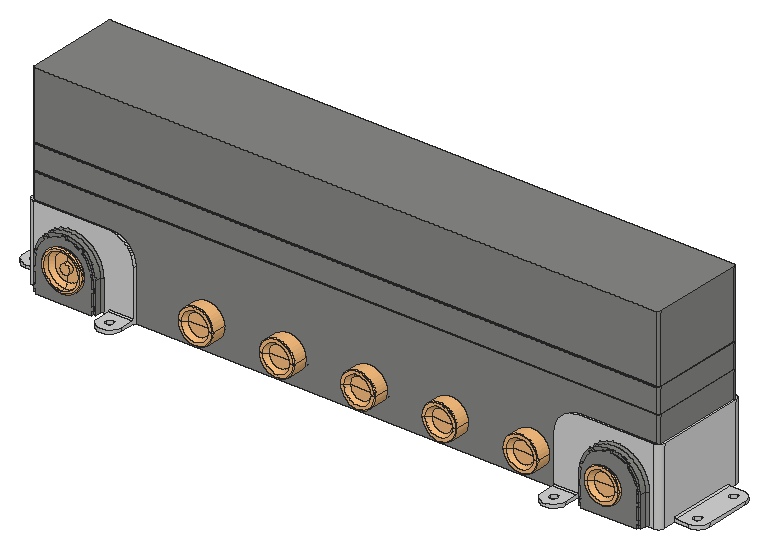
Revit family "Valve-Six_Outlet_Thermostatic-KOHLER-K-26344IN_1", category Plumbing Fixtures, host Face, Revit 2017
Family settings
  Host = Face
  Round Connector Dimension = Use Diameter
  Part Type = Normal
  OmniClass Number = 23.27.31.00
  OmniClass Title = Valves
  Cut with Voids When Loaded = No
  Shared = No
  Room Calculation Point = No
Parameters (values of type "58-Thunder Grey")
  Width = 21 81/128"  # constant formula
  WaterSense Certified = 1 = 0  # no
  Waste Connection = 1 = 0  # no
  Vent Connection = 1 = 0  # no
  Tempered Water Outlet 6 UP [instance] = yes
  Tempered Water Outlet 6 Down [instance] = not(Tempered Water Outlet 6 UP)  # no
  Tempered Water Outlet 6 = "Tempered Water Outlet 6"  # constant formula
  Tempered Water Outlet 5 = "Tempered Water Outlet 5"  # constant formula
  Tempered Water Outlet 4 = "Tempered Water Outlet 4"  # constant formula
  Tempered Water Outlet 3 = "Tempered Water Outlet 3"  # constant formula
  Tempered Water Outlet 2 = "Tempered Water Outlet 2"  # constant formula
  Tempered Water Outlet 1 = "Tempered Water Outlet 1"  # constant formula
  URL = "https://www.kohler.co.in/"
  Type = 1
  Product Page URL = ""
  Product Name = ""
  Product Documentation Link = ""
  Pressure = 0.00 psi  # constant formula
  Tempered Water Outlet 5 UP [instance] = yes
  Tempered Water Outlet 5 Down [instance] = not(Tempered Water Outlet 5 UP)  # no
  Tempered Water Outlet 4 UP [instance] = yes
  Tempered Water Outlet 4 Down [instance] = not(Tempered Water Outlet 4 UP)  # no
  Tempered Water Outlet 3 UP [instance] = yes
  Tempered Water Outlet 3 Down [instance] = not(Tempered Water Outlet 3 UP)  # no
  Tempered Water Outlet 2 Down [instance] = not(Tempered Water Outlet 2 UP)  # no
  Tempered Water Outlet 1 UP [instance] = yes
  Tempered Water Outlet 1 Down [instance] = not(Tempered Water Outlet 1 UP)  # no
  Model = "K-26344IN-NA"  # constant formula
  Material = "Plastic construction"  # constant formula
  Master Format 2014 Name = "Control Valves"  # constant formula
  Master Format 2014 = "23 09 13.33"  # constant formula
  Manufacturer Address = "Ambience Office Tower NH-8 Gurgaon / Gurugram Haryana , 122001"  # constant formula
  Manufacturer = "KOHLER Co."  # constant formula
  Length = 6 13/128"  # constant formula
  Hot Water Inlet = "Hot Water Inlet"  # constant formula
  Height = 4 113/128"  # constant formula
  HW Connection = 1 = 1  # yes
  Flow Rate = 1.75 GPM  # constant formula
  Finish = Kohler-Plastic-58-Thunder_Grey
  Environmental Product Declaration = ""
  Description = "REC PUSH-BUTTON TH VALVE- 6 OUTLET"  # constant formula
  Default Elevation = 42"
  Declare Label = ""
  Date Modified = "02/12/2021"  # constant formula
  Date Created = "02/11/2021"  # constant formula
  Copyright = "Copyright KOHLER Co."  # constant formula
  Contact Us = "https://www.kohler.co.in/contact-us"
  Tempered Water Outlet 2 UP [instance] = yes
  Cold Water Inlet = "Cold Water Inlet"  # constant formula
  CW Connection = 1 = 1  # yes
  Assembly Code = "D2020"
  ADA Compliant = 1 = 0  # no
Reference planes (in)
  plane 1 "Center (Front/Back)": y = 0
  plane 2: z = 0
  plane 3 "Center (Left/Right)": x = 0
  plane 4: y = 2.44056
  plane 5: y = -2.44225
  plane 6: y = 2.06786
  plane 7: y = 0.7088
  plane 8: y = -0.7088
  plane 9: y = -2.06786
  plane 10: y = 1.59449
  plane 11: y = -1.59449
  plane 12: y = 1.06299
  plane 13: y = -1.06299
  plane 14: y = 1.51575
  plane 15: y = -1.51575
  plane 16: x = -10.81695
  plane 17: x = -10.44302
  plane 18: x = -9.87202
  plane 19: x = -9.97044
  plane 20: x = -8.59226
  plane 21: z = -6.10156
  plane 22: x = -4.37846
  plane 23: x = -1.82014
  plane 24: x = 3.29803
  plane 25: x = 8.41418
  plane 26: x = 0.73818
  plane 27: x = 5.85611
  plane 28: x = 10.81586
  plane 29: x = 10.44302
  plane 30: x = 9.87202
  plane 31: x = 9.97044
  plane 32: z = -5.11315
  plane 33: z = -5.21662
Forms (in)
  Extrusion 1, void
    sketch origin (0, 0, 0) x (1, 0, 0) y (0, 1, 0)
      loop
        line (9.97048, 1.59431) -> (-9.97048, 1.59431) -> (-9.97048, -1.59467) -> (9.97048, -1.59467) -> (9.97048, 1.59431)
    from -3.46504 to 0.93426
  Extrusion 2, void
    sketch origin (0, 0, 0) x (1, 0, 0) y (0, 1, 0)
      loop
        line (10.97048, 2.46931) -> (-10.97048, 2.46931) -> (-10.97048, -2.46931) -> (10.97048, -2.46931) -> (10.97048, 2.46931)
    from -6.08285 to -3.46504
Dimensions and locks (in)
  plane 8 to plane 7 = 1.4176"
  plane 10 to plane 11 = 3.18898"
  "Width": plane 16 to plane 28
  "Length": level to plane 21
  "Height": plane 4 to plane 5
  aligned and locked: plane 2 to host face
  aligned and locked: level to host face
Automatic sketch dimensions
  host sketch curve to host sketch curve = 96"  (x2)
  Extrusion 1 sketch curve to plane 14 = 0.07856"
  plane 18 to Extrusion 1 sketch curve = 0.09847"
  Extrusion 1 sketch curve to plane 15 = 0.07892"
  plane 30 to Extrusion 1 sketch curve = 0.09847"
  Extrusion 2 sketch curve to plane 6 = 0.40144"
  plane 19 to Extrusion 2 sketch curve = 1.00004"
  plane 31 to Extrusion 2 sketch curve = 1.00004"
  Extrusion 2 sketch curve to plane 9 = 0.40144"
Nested families (in)
  nested 1: "K-26344IN" at (0, 0, -6.10236), type "K-26344IN"
Connectors (in)
  piping at (-1.82014, 1.9687, -5.21662), diameter 0.5, driven by "Flow Rate", driven by "HW Connection", driven by "Tempered Water Outlet 2"
    settings: on nested 1, index 2, connector inside diameter 24", connector length 0", flow factor 0, pipe flow 1.75 GPM, pressure drop 0.00 psi, fitting loss kfactor 0, connector angle 0.00°, fixture units 0, engagement length 0", angle of deflection 0.00°, flow configuration 1, flow direction 2, fitting loss method 0, system type 19, joint type 0, gender type 0, connector reference index -1, connector utility 1, adjustable connector no, is connector primary yes, connector description "Tempered Water Outlet 2"
  piping at (0.73818, 1.93826, -5.21662), diameter 0.5, driven by "Flow Rate", driven by "HW Connection", driven by "Tempered Water Outlet 3"
    settings: on nested 1, index 3, connector inside diameter 24", connector length 0", flow factor 0, pipe flow 1.75 GPM, pressure drop 0.00 psi, fitting loss kfactor 0, connector angle 0.00°, fixture units 0, engagement length 0", angle of deflection 0.00°, flow configuration 1, flow direction 2, fitting loss method 0, system type 19, joint type 0, gender type 0, connector reference index -1, connector utility 1, adjustable connector no, is connector primary no, connector description "Tempered Water Outlet 3"
  piping at (3.29803, 1.93826, -5.21662), diameter 0.5, driven by "Flow Rate", driven by "HW Connection", driven by "Tempered Water Outlet 4"
    settings: on nested 1, index 4, connector inside diameter 24", connector length 0", flow factor 0, pipe flow 1.75 GPM, pressure drop 0.00 psi, fitting loss kfactor 0, connector angle 0.00°, fixture units 0, engagement length 0", angle of deflection 0.00°, flow configuration 1, flow direction 2, fitting loss method 0, system type 19, joint type 0, gender type 0, connector reference index -1, connector utility 1, adjustable connector no, is connector primary no, connector description "Tempered Water Outlet 4"
  piping at (5.85611, 1.93826, -5.21662), diameter 0.5, driven by "Flow Rate", driven by "HW Connection", driven by "Tempered Water Outlet 5"
    settings: on nested 1, index 5, connector inside diameter 24", connector length 0", flow factor 0, pipe flow 1.75 GPM, pressure drop 0.00 psi, fitting loss kfactor 0, connector angle 0.00°, fixture units 0, engagement length 0", angle of deflection 0.00°, flow configuration 1, flow direction 2, fitting loss method 0, system type 19, joint type 0, gender type 0, connector reference index -1, connector utility 1, adjustable connector no, is connector primary no, connector description "Tempered Water Outlet 5"
  piping at (-8.58107, -1.85253, -5.12263), diameter 0.75, driven by "Flow Rate", driven by "CW Connection", driven by "Cold Water Inlet"
    settings: on nested 1, index 7, connector inside diameter 24", connector length 0", flow factor 0, pipe flow 1.75 GPM, pressure drop 0.00 psi, fitting loss kfactor 0, connector angle 0.00°, fixture units 0, engagement length 0", angle of deflection 0.00°, flow configuration 1, flow direction 1, fitting loss method 0, system type 20, joint type 0, gender type 0, connector reference index -1, connector utility 1, adjustable connector no, is connector primary no, connector description "Cold Water Inlet"
  piping at (-8.58107, 1.84826, -5.12263), diameter 0.75, driven by "Flow Rate", driven by "HW Connection", driven by "Hot Water Inlet"
    settings: on nested 1, index 8, connector inside diameter 24", connector length 0", flow factor 0, pipe flow 1.75 GPM, pressure drop 0.00 psi, fitting loss kfactor 0, connector angle 0.00°, fixture units 0, engagement length 0", angle of deflection 0.00°, flow configuration 1, flow direction 1, fitting loss method 0, system type 19, joint type 0, gender type 0, connector reference index -1, connector utility 1, adjustable connector no, is connector primary no, connector description "Hot Water Inlet"
  piping at (8.41418, 1.92913, -5.21662), diameter 0.5, driven by "Flow Rate", driven by "HW Connection", driven by "Tempered Water Outlet 6"
    settings: on nested 1, index 9, connector inside diameter 24", connector length 0", flow factor 0, pipe flow 1.75 GPM, pressure drop 0.00 psi, fitting loss kfactor 0, connector angle 0.00°, fixture units 0, engagement length 0", angle of deflection 0.00°, flow configuration 1, flow direction 2, fitting loss method 0, system type 19, joint type 0, gender type 0, connector reference index -1, connector utility 1, adjustable connector no, is connector primary no, connector description "Tempered Water Outlet 6"
  piping at (-4.37846, 1.93826, -5.21662), diameter 0.5, driven by "Flow Rate", driven by "HW Connection", driven by "Tempered Water Outlet 1"
    settings: on nested 1, index 10, connector inside diameter 24", connector length 0", flow factor 0, pipe flow 1.75 GPM, pressure drop 0.00 psi, fitting loss kfactor 0, connector angle 0.00°, fixture units 0, engagement length 0", angle of deflection 0.00°, flow configuration 1, flow direction 2, fitting loss method 0, system type 19, joint type 0, gender type 0, connector reference index -1, connector utility 1, adjustable connector no, is connector primary no, connector description "Tempered Water Outlet 1"
Definition of nested family "K-26344IN"
  Parameters (values of type "K-26344IN")
    Material = none
    Connector 6 UP = yes
    Connector 6 Down = not(Connector 6 UP)  # no
    Connector 6 Dist = if(Connector 6 UP, 3 1/32", 0")  # 3 1/32"
    Connector 6 Angle = if(Connector 6 UP, 0.00°, 180.00°)  # 0.00°
    Connector 5 UP = yes
    Connector 5 Down = not(Connector 5 UP)  # no
    Connector 5 Dist = if(Connector 5 UP, 3 1/32", 0")  # 3 1/32"
    Connector 5 Angle = if(Connector 5 UP, 0.00°, 180.00°)  # 0.00°
    Connector 4 UP = yes
    Connector 4 Down = not(Connector 4 UP)  # no
    Connector 4 Dist = if(Connector 4 UP, 3 1/32", 0")  # 3 1/32"
    Connector 4 Angle = if(Connector 4 UP, 0.00°, 180.00°)  # 0.00°
    Connector 3 UP = yes
    Connector 3 Down = not(Connector 3 UP)  # no
    Connector 3 Dist = if(Connector 3 UP, 3 1/32", 0")  # 3 1/32"
    Connector 3 Angle = if(Connector 3 UP, 0.00°, 180.00°)  # 0.00°
    Connector 2 UP = yes
    Connector 2 Down = not(Connector 2 UP)  # no
    Connector 2 Dist = if(Connector 2 UP, 3 1/32", 0")  # 3 1/32"
    Connector 2 Angle = if(Connector 2 UP, 0.00°, 180.00°)  # 0.00°
    Connector 1 UP = yes
    Connector 1 Down = not(Connector 1 UP)  # no
    Connector 1 Dist = if(Connector 1 UP, 3 1/32", 0")  # 3 1/32"
    Connector 1 Angle = if(Connector 1 UP, 0.00°, 180.00°)  # 0.00°
  Reference planes (in)
    plane 1 "Center (Front/Back)": y = 0
    plane 2: z = 0
    plane 3 "Center (Left/Right)": x = 0
    plane 4 "A": z = 0.88574
    plane 5: z = 0.98921
    plane 6: z = 0.11829
    plane 7: z = 0.01953
    plane 8: z = 2.38189
    plane 9: z = 0.15384
    plane 10: z = 6.10236
    plane 11: z = 5.63386
    plane 12: x = -10.81694
    plane 13: x = -9.97048
    plane 14: x = -9.87206
    plane 15: x = -9.56694
    plane 16: x = -9.52757
    plane 17: x = -7.61755
    plane 18: x = -7.65692
    plane 19: x = -7.37206
    plane 20: x = -6.62402
    plane 21: x = -2.37132
    plane 22: x = -1.26896
    plane 23: x = -9.62368
    plane 24: x = -9.77403
    plane 25: x = -7.55523
    plane 26: x = -7.49017
    plane 27: x = -8.59224
    plane 28: x = -6.99804
    plane 29: x = -10.443
    plane 30: x = -1.82014
    plane 31: x = -4.92964
    plane 32: x = -3.82728
    plane 33: x = -4.37846
    plane 34: x = 0.187
    plane 35: x = 1.28936
    plane 36: x = 0.73818
    plane 37: x = 2.74685
    plane 38: x = 3.84921
    plane 39: x = 3.29803
    plane 40: x = 5.30493
    plane 41: x = 6.40729
    plane 42: x = 5.85611
    plane 43: x = 10.81694
    plane 44: x = 9.97048
    plane 45: x = 9.87206
    plane 46: x = 9.56694
    plane 47: x = 9.52757
    plane 48: x = 7.61755
    plane 49: x = 7.65692
    plane 50: x = 7.37206
    plane 51: x = 6.62402
    plane 52: x = 9.62368
    plane 53: x = 9.77403
    plane 54: x = 7.55523
    plane 55: x = 7.49017
    plane 56: x = 6.99804
    plane 57: x = 10.443
    plane 58: y = 2.44166
    plane 59: y = 1.51557
    plane 60: y = -2.44074
    plane 61: y = -1.51593
    plane 62: y = 1.59431
    plane 63: y = -1.59467
    plane 64: y = 1.43697
    plane 65: y = 1.39746
    plane 66: y = -1.43733
    plane 67: y = -1.39782
    plane 68: y = -0.04612
    plane 69: y = 1.06281
    plane 70: y = -1.06317
    plane 71: y = 0.70862
    plane 72: y = -0.70892
    plane 73: y = 2.06768
    plane 74: y = -2.06804
    plane 75: y = 1.98814
    plane 76: y = -1.98834
    plane 77: y = 1.9687
    plane 78: y = -1.96872
    plane 79 "C": y = 1.51532
    plane 80 "D": y = 1.51532
    plane 81 "E": y = 1.51532
    plane 82 "F": y = 1.51532
    plane 83: x = 8.41418
    plane 84 "G": y = 1.51532
    plane 85 "B": y = 1.51532
  Forms (in)
    Extrusion 1, solid, material <- "Material", detail levels medium+fine
      sketch origin (-1.27974, -0.00213, 0.00374) x (1, 0, 0) y (0, 1, 0)
        loop
          line (11.07299, 1.51746) -> (-8.51496, 1.51746)
          arc (-8.51496, 1.51746) -> (-8.56962, 1.49482) -> (-8.59226, 1.44016) r 0.07729
          line (-8.59226, 1.44016) -> (-8.59226, -1.43589)
          arc (-8.59226, -1.43589) -> (-8.56949, -1.49085) -> (-8.51453, -1.51361) r 0.07772
          line (-8.51453, -1.51361) -> (11.07302, -1.51361)
          arc (11.07302, -1.51361) -> (11.12872, -1.49054) -> (11.15179, -1.43485) r 0.07876
          line (11.15179, -1.43485) -> (11.15179, 1.43866)
          arc (11.15179, 1.43866) -> (11.12871, 1.49438) -> (11.07299, 1.51746) r 0.07879
      from 0 to 6.09846
    Extrusion 2, solid, detail levels medium+fine
      sketch origin (-2.55904, -0.00213, -0.00407) x (1, 0, 0) y (0, 1, 0)
        loop
          line (-7.22394, 1.06495) -> (-7.8832, 1.06495)
          arc (-7.8832, 1.06495) -> (-8.14815, 0.9552) -> (-8.2579, 0.69025) r 0.3747
          line (-8.2579, 0.69025) -> (-8.2579, -0.68628)
          arc (-8.2579, -0.68628) -> (-8.14813, -0.95127) -> (-7.88314, -1.06104) r 0.37476
          line (-7.88314, -1.06104) -> (-7.22394, -1.06104) -> (-7.22394, 1.06495)
        loop
          arc (-4.81302, -2.06459) -> (-4.439, -2.43861) -> (-4.06498, -2.06459) r 0.37402
          line (-4.06498, -2.06459) -> (-4.06498, -1.46754) -> (-4.81302, -1.46754) -> (-4.81302, -2.06459)
        loop
          line (-4.06498, 1.44019) -> (-4.06498, 2.06982)
          arc (-4.06498, 2.06982) -> (-4.439, 2.44383) -> (-4.81302, 2.06982) r 0.37402
          line (-4.81302, 2.06982) -> (-4.81302, 1.44019) -> (-4.06498, 1.44019)
        loop
          circle (-7.88396, 0.71075) r 0.12529
        loop
          circle (-7.88396, -0.70685) r 0.12529
        loop
          circle (-4.439, 2.06982) r 0.12354
        loop
          circle (-4.439, -2.06459) r 0.12415
        loop
          line (12.34202, 1.06495) -> (12.34202, -1.06104) -> (13.00122, -1.06104)
          arc (13.00122, -1.06104) -> (13.26622, -0.95127) -> (13.37598, -0.68628) r 0.37476
          line (13.37598, -0.68628) -> (13.37598, 0.69025)
          arc (13.37598, 0.69025) -> (13.26623, 0.9552) -> (13.00128, 1.06495) r 0.3747
          line (13.00128, 1.06495) -> (12.34202, 1.06495)
        loop
          line (9.9311, -2.06459) -> (9.9311, -1.46754) -> (9.18307, -1.46754) -> (9.18307, -2.06459)
          arc (9.18307, -2.06459) -> (9.55708, -2.43861) -> (9.9311, -2.06459) r 0.37402
        loop
          line (9.18307, 1.44019) -> (9.9311, 1.44019) -> (9.9311, 2.06982)
          arc (9.9311, 2.06982) -> (9.55708, 2.44383) -> (9.18307, 2.06982) r 0.37402
          line (9.18307, 2.06982) -> (9.18307, 1.44019)
        loop
          circle (13.00204, 0.71075) r 0.12529
        loop
          circle (13.00204, -0.70685) r 0.12529
        loop
          circle (9.55708, 2.06982) r 0.12354
        loop
          circle (9.55708, -2.06459) r 0.12415
      from 0.02344 to 0.12219
    Sweep 3, solid, material <- "Material", detail levels medium+fine
      path origin (-2.55904, -0.00213, -0.00017) x (1, 0, 0) y (0, 0, 1)
        loop
          line (-5.05908, 0.01969) -> (-5.05908, 0.98445)
          arc (-5.05908, 0.98445) -> (-6.03349, 1.95886) -> (-7.0079, 0.98445) r 0.97441
          line (-7.0079, 0.98445) -> (-7.0079, 0.01969)
      profile origin (-9.56694, -0.00213, 0.5019) x (0, -1, 0) y (1, 0, 0)
        loop
          line (1.85039, 0) -> (1.85039, 0.31023) -> (1.573, 0.31023) -> (1.573, -0.07652)
          arc (1.573, -0.07652) -> (1.61262, -0.02118) -> (1.67729, 0) r 0.10932
          line (1.67729, 0) -> (1.85039, 0)
        loop
          line (-1.85039, 0) -> (-1.6851, 0)
          arc (-1.6851, 0) -> (-1.62043, -0.02118) -> (-1.58082, -0.07652) r 0.10932
          line (-1.58082, -0.07652) -> (-1.58082, 0.31023) -> (-1.85039, 0.31023) -> (-1.85039, 0)
    Extrusion 4, solid, material <- "Material", detail levels medium+fine
      sketch origin (-2.55904, -0.00213, -0.00017) x (1, 0, 0) y (0, 0, 1)
        loop
          line (-6.90947, 0.1378) -> (-6.90947, 0) -> (-5.1575, 0) -> (-5.1575, 0.1378) -> (-5.09845, 0.1378) -> (-5.09845, 0.25591) -> (-5.1575, 0.25591) -> (-5.1575, 0.62992) -> (-5.09845, 0.62992) -> (-5.09845, 0.74803) -> (-5.1575, 0.74803) -> (-5.1575, 0.98425)
          arc (-5.1575, 0.98425) -> (-5.16093, 1.06162) -> (-5.17117, 1.13839) r 0.87598
          line (-5.17117, 1.13839) -> (-5.1138, 1.15269)
          arc (-5.1138, 1.15269) -> (-5.12627, 1.21045) -> (-5.14235, 1.2673) r 0.93495
          line (-5.14235, 1.2673) -> (-5.19974, 1.25299)
          arc (-5.19974, 1.25299) -> (-5.29883, 1.46135) -> (-5.44887, 1.63661) r 0.87598
          line (-5.44887, 1.63661) -> (-5.4124, 1.68329)
          arc (-5.4124, 1.68329) -> (-5.45778, 1.72112) -> (-5.50546, 1.75602) r 0.93495
          line (-5.50546, 1.75602) -> (-5.54194, 1.70932)
          arc (-5.54194, 1.70932) -> (-5.7483, 1.81251) -> (-5.97443, 1.85824) r 0.87598
          line (-5.97443, 1.85824) -> (-5.97443, 1.91753)
          arc (-5.97443, 1.91753) -> (-6.03349, 1.9194) -> (-6.09254, 1.91753) r 0.93495
          line (-6.09254, 1.91753) -> (-6.09254, 1.85824)
          arc (-6.09254, 1.85824) -> (-6.31868, 1.81251) -> (-6.52503, 1.70932) r 0.87598
          line (-6.52503, 1.70932) -> (-6.56151, 1.75602)
          arc (-6.56151, 1.75602) -> (-6.60919, 1.72112) -> (-6.65458, 1.68329) r 0.93495
          line (-6.65458, 1.68329) -> (-6.61811, 1.63661)
          arc (-6.61811, 1.63661) -> (-6.76815, 1.46135) -> (-6.86723, 1.25299) r 0.87598
          line (-6.86723, 1.25299) -> (-6.92462, 1.2673)
          arc (-6.92462, 1.2673) -> (-6.94071, 1.21045) -> (-6.95317, 1.15269) r 0.93495
          line (-6.95317, 1.15269) -> (-6.8958, 1.13839)
          arc (-6.8958, 1.13839) -> (-6.90605, 1.06162) -> (-6.90947, 0.98425) r 0.87598
          line (-6.90947, 0.98425) -> (-6.90947, 0.74803) -> (-6.96853, 0.74803) -> (-6.96853, 0.62992) -> (-6.90947, 0.62992) -> (-6.90947, 0.25591) -> (-6.96853, 0.25591) -> (-6.96853, 0.1378) -> (-6.90947, 0.1378)
      from -1.93127 to 1.88763
    Revolve 5, solid, detail levels medium+fine
      sketch origin (-8.59224, -0.00213, -0.00017) x (0, 1, 0) y (0, 0, 1)
        loop
          line (-1.9862, 1.58663) -> (-1.9862, 1.52773) -> (-1.85039, 1.52773) -> (-1.72942, 1.40675) -> (-1.72942, 0.98425) -> (1.72942, 0.98425) -> (1.72942, 1.40675) -> (1.85039, 1.52773) -> (1.99028, 1.52773) -> (1.99028, 1.58256) -> (1.94895, 1.62388) -> (-1.94895, 1.62388) -> (-1.9862, 1.58663)
        axis (1.99028, 0.98425) -> (-1.9862, 0.98425)
      angle from 0 to 360
    Revolve 6, solid, detail levels medium+fine
      sketch origin (-2.55904, -0.00213, 0.88557) x (1, 0, 0) y (0, 1, 0)
        loop
          line (2.86549, -1.96659) -> (2.95569, -1.83778) -> (3.29722, -1.83778) -> (3.29722, 1.83778) -> (2.95569, 1.83778) -> (2.86254, 1.97081) -> (2.76734, 1.97081) -> (2.74604, 1.94039) -> (2.74604, -1.94039) -> (2.76438, -1.96659) -> (2.86549, -1.96659)
        axis (3.29722, -1.96659) -> (3.29722, 1.97081)
      angle from 0 to 360
    Revolve 7, solid, detail levels medium+fine
      sketch origin (1.47708, -0.00213, 0.88557) x (-1, 0, 0) y (0, -1, 0)
        loop
          line (3.72911, 1.96682) -> (3.63876, 1.83777) -> (3.29722, 1.83777) -> (3.29722, -1.83778) -> (3.63876, -1.83778) -> (3.73192, -1.97083) -> (3.82709, -1.97083) -> (3.8484, -1.9404) -> (3.8484, 1.94039) -> (3.8299, 1.96682) -> (3.72911, 1.96682)
        axis (3.29722, 1.96682) -> (3.29722, -1.97083)
      angle from 0 to 360
    Revolve 8, solid, detail levels medium+fine
      sketch origin (-7.67728, -0.00213, 0.88557) x (1, 0, 0) y (0, 1, 0)
        loop
          line (2.86549, -1.96659) -> (2.95569, -1.83778) -> (3.29722, -1.83778) -> (3.29722, 1.83778) -> (2.95569, 1.83778) -> (2.86274, 1.97052) -> (2.76713, 1.97052) -> (2.74604, 1.94039) -> (2.74604, -1.94039) -> (2.76438, -1.96659) -> (2.86549, -1.96659)
        axis (3.29722, -1.96659) -> (3.29722, 1.97052)
      angle from 0 to 360
    Extrusion 9, solid, detail levels medium+fine
      sketch origin (-2.55904, -0.00213, -0.00017) x (1, 0, 0) y (0, 0, 1)
        loop
          line (-7.50289, 0.11079) -> (-7.40402, 0.11079) -> (-7.40402, 0.20277)
          arc (-7.40402, 0.20277) -> (-7.43537, 0.13734) -> (-7.50289, 0.11079) r 0.09913
      from -1.06299 to 1.06299
    Extrusion 10, solid, detail levels medium+fine
      sketch origin (-2.55904, -0.1076, -0.00407) x (0, 1, 0) y (0, 0, -1)
        loop
          line (1.75993, -0.11488) -> (1.68901, -0.11488) -> (1.68901, -0.19422)
          arc (1.68901, -0.19422) -> (1.70932, -0.14101) -> (1.75993, -0.11488) r 0.07984
      from 4.06494 to 4.81302
    Extrusion 11, solid, detail levels medium+fine
      sketch origin (-2.55904, 0.10333, -0.00407) x (0, -1, 0) y (0, 0, 1)
        loop
          arc (1.75993, 0.11488) -> (1.70932, 0.14101) -> (1.68901, 0.19422) r 0.07984
          line (1.68901, 0.19422) -> (1.68901, 0.11488) -> (1.75993, 0.11488)
      from 4.06494 to 4.81302
    Extrusion 12, solid, detail levels medium+fine
      sketch origin (-2.54786, -0.00213, -0.00452) x (1, 0, 0) y (0, 0, 1)
        loop
          circle (-6.0332, 0.98425) r 0.14992
      from -1.85039 to 1.85039
    Revolve 13, solid, detail levels medium+fine
      sketch origin (0.00081, -0.00213, 0.88557) x (1, 0, 0) y (0, 1, 0)
        loop
          line (2.86549, -1.96659) -> (2.95569, -1.83778) -> (3.29722, -1.83778) -> (3.29722, 1.81221) -> (2.97359, 1.81221) -> (2.8626, 1.97072) -> (2.76728, 1.97072) -> (2.74604, 1.94039) -> (2.74604, -1.94039) -> (2.76438, -1.96659) -> (2.86549, -1.96659)
        axis (3.29722, -1.96659) -> (3.29722, 1.97072)
      angle from 0 to 360
    Extrusion 14, solid, detail levels medium+fine
      sketch origin (-1.27948, 0, -0.00017) x (1, 0, 0) y (0, 1, 0)
        loop
          line (-5.15687, 1.59449) -> (-8.49451, 1.59449)
          arc (-8.49451, 1.59449) -> (-8.63341, 1.53695) -> (-8.69095, 1.39805) r 0.19644
          line (-8.69095, 1.39805) -> (-8.69095, -1.39884)
          arc (-8.69095, -1.39884) -> (-8.63364, -1.53718) -> (-8.4953, -1.59449) r 0.19565
          line (-8.4953, -1.59449) -> (-5.15687, -1.59449) -> (-5.15687, 1.59449)
      from 0 to 2.72835
    Extrusion 15, void
      sketch origin (-1.27948, 0, -0.00017) x (1, 0, 0) y (0, 0, 1)
        loop
          arc (-6.13263, 2.38189) -> (-5.57533, 2.15105) -> (-5.34449, 1.59375) r 0.78814
          line (-5.34449, 1.59375) -> (-5.34449, -0.15625) -> (-4.88263, -0.15625) -> (-4.88263, 2.88189) -> (-8.88263, 2.88189) -> (-8.88263, 2.38189) -> (-6.13263, 2.38189)
      from -1.98819 to 1.98819
    Sweep 16, solid, material <- "Material", detail levels medium+fine
      path origin (2.55903, -0.00213, -0.00017) x (-1, 0, 0) y (0, 0, -1)
        loop
          line (-5.05908, -0.01969) -> (-5.05908, -0.98445)
          arc (-5.05908, -0.98445) -> (-6.03349, -1.95886) -> (-7.0079, -0.98445) r 0.97441
          line (-7.0079, -0.98445) -> (-7.0079, -0.01969)
      profile origin (9.56692, -0.00213, 0.5019) x (0, -1, 0) y (1, 0, 0)
        loop
          line (1.85039, 0) -> (1.6851, 0)
          arc (1.6851, 0) -> (1.62043, 0.02118) -> (1.58082, 0.07652) r 0.10932
          line (1.58082, 0.07652) -> (1.58082, -0.24773) -> (1.85039, -0.24773) -> (1.85039, 0)
        loop
          line (-1.85039, 0) -> (-1.85039, -0.24773) -> (-1.573, -0.24773) -> (-1.573, 0.07652)
          arc (-1.573, 0.07652) -> (-1.61262, 0.02118) -> (-1.67729, 0) r 0.10932
          line (-1.67729, 0) -> (-1.85039, 0)
    Extrusion 17, solid, material <- "Material", detail levels medium+fine
      sketch origin (2.55903, -0.00213, -0.00017) x (-1, 0, 0) y (0, 0, -1)
        loop
          line (-6.90947, -0.1378) -> (-6.96853, -0.1378) -> (-6.96853, -0.25591) -> (-6.90947, -0.25591) -> (-6.90947, -0.62992) -> (-6.96853, -0.62992) -> (-6.96853, -0.74803) -> (-6.90947, -0.74803) -> (-6.90947, -0.98425)
          arc (-6.90947, -0.98425) -> (-6.90605, -1.06162) -> (-6.8958, -1.13839) r 0.87598
          line (-6.8958, -1.13839) -> (-6.95317, -1.15269)
          arc (-6.95317, -1.15269) -> (-6.94071, -1.21045) -> (-6.92462, -1.2673) r 0.93495
          line (-6.92462, -1.2673) -> (-6.86723, -1.25299)
          arc (-6.86723, -1.25299) -> (-6.76815, -1.46135) -> (-6.61811, -1.63661) r 0.87598
          line (-6.61811, -1.63661) -> (-6.65458, -1.68329)
          arc (-6.65458, -1.68329) -> (-6.60919, -1.72112) -> (-6.56151, -1.75602) r 0.93495
          line (-6.56151, -1.75602) -> (-6.52503, -1.70932)
          arc (-6.52503, -1.70932) -> (-6.31868, -1.81251) -> (-6.09254, -1.85824) r 0.87598
          line (-6.09254, -1.85824) -> (-6.09254, -1.91753)
          arc (-6.09254, -1.91753) -> (-6.03349, -1.9194) -> (-5.97443, -1.91753) r 0.93495
          line (-5.97443, -1.91753) -> (-5.97443, -1.85824)
          arc (-5.97443, -1.85824) -> (-5.7483, -1.81251) -> (-5.54194, -1.70932) r 0.87598
          line (-5.54194, -1.70932) -> (-5.50546, -1.75602)
          arc (-5.50546, -1.75602) -> (-5.45778, -1.72112) -> (-5.4124, -1.68329) r 0.93495
          line (-5.4124, -1.68329) -> (-5.44887, -1.63661)
          arc (-5.44887, -1.63661) -> (-5.29883, -1.46135) -> (-5.19974, -1.25299) r 0.87598
          line (-5.19974, -1.25299) -> (-5.14235, -1.2673)
          arc (-5.14235, -1.2673) -> (-5.12627, -1.21045) -> (-5.1138, -1.15269) r 0.93495
          line (-5.1138, -1.15269) -> (-5.17117, -1.13839)
          arc (-5.17117, -1.13839) -> (-5.16093, -1.06162) -> (-5.1575, -0.98425) r 0.87598
          line (-5.1575, -0.98425) -> (-5.1575, -0.74803) -> (-5.09845, -0.74803) -> (-5.09845, -0.62992) -> (-5.1575, -0.62992) -> (-5.1575, -0.25591) -> (-5.09845, -0.25591) -> (-5.09845, -0.1378) -> (-5.1575, -0.1378) -> (-5.1575, 0) -> (-6.90947, 0) -> (-6.90947, -0.1378)
      from -1.93127 to 1.88763
    Revolve 18, solid, detail levels medium+fine
      sketch origin (5.11696, -0.00213, 0.88538) x (1, 0, 0) y (0, 1, 0)
        loop
          line (2.86549, -1.96659) -> (2.95569, -1.83778) -> (3.29722, -1.83778) -> (3.29722, 1.81221) -> (2.97359, 1.81221) -> (2.86252, 1.97083) -> (2.76736, 1.97083) -> (2.74604, 1.94039) -> (2.74604, -1.94039) -> (2.76438, -1.96659) -> (2.86549, -1.96659)
        axis (3.29722, -1.96659) -> (3.29722, 1.97083)
      angle from 0 to 360
    Extrusion 19, solid, detail levels medium+fine
      sketch origin (1.27946, 0, -0.00017) x (-1, 0, 0) y (0, -1, 0)
        loop
          line (-5.15687, -1.59449) -> (-5.15687, 1.59449) -> (-8.4953, 1.59449)
          arc (-8.4953, 1.59449) -> (-8.63364, 1.53718) -> (-8.69095, 1.39884) r 0.19565
          line (-8.69095, 1.39884) -> (-8.69095, -1.39805)
          arc (-8.69095, -1.39805) -> (-8.63341, -1.53695) -> (-8.49451, -1.59449) r 0.19644
          line (-8.49451, -1.59449) -> (-5.15687, -1.59449)
      from 0 to 2.72835
    Revolve 20, solid, detail levels medium+fine
      sketch origin (2.55888, -0.00213, 0.88557) x (1, 0, 0) y (0, 1, 0)
        loop
          line (2.86549, -1.96659) -> (2.95569, -1.83778) -> (3.29722, -1.83778) -> (3.29722, 1.81221) -> (2.97359, 1.81221) -> (2.8626, 1.97072) -> (2.76728, 1.97072) -> (2.74604, 1.94039) -> (2.74604, -1.94039) -> (2.76438, -1.96659) -> (2.86549, -1.96659)
        axis (3.29722, -1.96659) -> (3.29722, 1.97072)
      angle from 0 to 360
    Extrusion 21, void
      sketch origin (0, 0, 0) x (1, 0, 0) y (0, 0, 1)
        loop
          line (10.30095, 2.38189) -> (10.30095, 2.79519) -> (6.30095, 2.79519) -> (6.30095, -0.27349) -> (6.62401, -0.27349) -> (6.62401, 1.59321)
          arc (6.62401, 1.59321) -> (6.85501, 2.15089) -> (7.41269, 2.38189) r 0.78868
          line (7.41269, 2.38189) -> (10.30095, 2.38189)
      from -1.98819 to 1.98819
    Sweep 22, void
      path origin (0, 0, 0) x (1, 0, 0) y (0, 1, 0)
        loop
          line (9.79325, 1.51532) -> (-9.79471, 1.51532)
          arc (-9.79471, 1.51532) -> (-9.84936, 1.49268) -> (-9.872, 1.43803) r 0.07729
          line (-9.872, 1.43803) -> (-9.872, -1.43803)
          arc (-9.872, -1.43803) -> (-9.84924, -1.49298) -> (-9.79428, -1.51575) r 0.07772
          line (-9.79428, -1.51575) -> (9.79328, -1.51575)
          arc (9.79328, -1.51575) -> (9.84897, -1.49268) -> (9.87204, -1.43698) r 0.07876
          line (9.87204, -1.43698) -> (9.87204, 1.43653)
          arc (9.87204, 1.43653) -> (9.84896, 1.49224) -> (9.79325, 1.51532) r 0.07879
      profile origin (-9.872, 0, 0) x (1, 0, 0) y (0, 0, 1)
        loop
          line (-0.01974, 3.99606) -> (-0.01974, 3.95669) -> (0.02661, 3.95669) -> (0.02661, 3.99606) -> (-0.01974, 3.99606)
        loop
          line (-0.01974, 3.20866) -> (-0.01974, 3.16929) -> (0.02661, 3.16929) -> (0.02661, 3.20866) -> (-0.01974, 3.20866)
    Extrusion 23, void
      sketch origin (0, 0, 0) x (1, 0, 0) y (0, 0, 1)
        loop
          circle (-8.59224, 0.98408) r 0.55979
      from 1.57514 to 2.17088
    Extrusion 24, void
      sketch origin (0, 0, 0) x (1, 0, 0) y (0, 0, 1)
        loop
          circle (-8.59224, 0.98408) r 0.56419
      from -2.21845 to -1.57868
    Extrusion 25, void
      sketch origin (0, 0, 0) x (1, 0, 0) y (0, 0, 1)
        loop
          circle (8.41418, 0.88538) r 0.4505
      from 1.57514 to 2.17839
    Extrusion 26, void
      sketch origin (0, 0, 0) x (1, 0, 0) y (0, 0, 1)
        loop
          circle (8.41418, 0.88538) r 0.47389
      from -2.17496 to -1.57868
    Revolve 27, solid, detail levels medium+fine
      sketch origin (-1.82014, 1.51532, 0.88574) x (0, 1, 0) y (-1, 0, 0)
        loop
          line (0.32032, 0) -> (0.32032, -0.1392) -> (0.45338, -0.1392) -> (0.45338, 0) -> (0.32032, 0)
        axis (0.32032, 0) -> (0.45338, 0)
      angle from 0 to 360
    Revolve 28, solid, detail levels medium+fine
      sketch origin (0.73818, 1.51532, 0.88574) x (0, 1, 0) y (-1, 0, 0)
        loop
          line (0.32032, 0) -> (0.32032, -0.12062) -> (0.42294, -0.12062) -> (0.42294, 0) -> (0.32032, 0)
        axis (0.32032, 0) -> (0.42294, 0)
      angle from 0 to 360
    Revolve 29, solid, detail levels medium+fine
      sketch origin (3.29803, 1.51532, 0.88574) x (0, 1, 0) y (-1, 0, 0)
        loop
          line (0.29475, 0) -> (0.29475, -0.13817) -> (0.42294, -0.13817) -> (0.42294, 0) -> (0.29475, 0)
        axis (0.29475, 0) -> (0.42294, 0)
      angle from 0 to 360
    Revolve 30, solid, detail levels medium+fine
      sketch origin (5.85611, 1.51532, 0.88574) x (0, 1, 0) y (-1, 0, 0)
        loop
          line (0.29475, 0) -> (0.29475, -0.13806) -> (0.42294, -0.13806) -> (0.42294, 0) -> (0.29475, 0)
        axis (0.29475, 0) -> (0.42294, 0)
      angle from 0 to 360
    Extrusion 31, solid, detail levels medium+fine
      sketch origin (2.55904, -0.00213, -0.00017) x (-1, 0, 0) y (0, 0, -1)
        loop
          arc (-7.50289, -0.11079) -> (-7.43537, -0.13734) -> (-7.40402, -0.20277) r 0.09913
          line (-7.40402, -0.20277) -> (-7.40402, -0.11079) -> (-7.50289, -0.11079)
      from -1.06299 to 1.06299
    Extrusion 32, solid, detail levels medium+fine
      sketch origin (2.55904, -0.1076, -0.00407) x (0, 1, 0) y (0, 0, 1)
        loop
          arc (1.75993, 0.11488) -> (1.70932, 0.14101) -> (1.68901, 0.19422) r 0.07984
          line (1.68901, 0.19422) -> (1.68901, 0.11488) -> (1.75993, 0.11488)
      from 4.06494 to 4.81302
    Extrusion 33, solid, detail levels medium+fine
      sketch origin (2.55904, 0.10333, -0.00407) x (0, -1, 0) y (0, 0, -1)
        loop
          line (1.75993, -0.11488) -> (1.68901, -0.11488) -> (1.68901, -0.19422)
          arc (1.68901, -0.19422) -> (1.70932, -0.14101) -> (1.75993, -0.11488) r 0.07984
      from 4.06494 to 4.81302
    Revolve 34, solid, detail levels medium+fine
      sketch origin (8.41418, 1.51532, 0.88574) x (0, 1, 0) y (-1, 0, 0)
        loop
          line (0.29475, 0) -> (0.29475, -0.11928) -> (0.41381, -0.11928) -> (0.41381, 0) -> (0.29475, 0)
        axis (0.29475, 0) -> (0.41381, 0)
      angle from 0 to 360
    Extrusion 35, solid, material <- "Material", detail levels coarse
      sketch origin (-0.75235, 0.401, 0) x (1, 0, 0) y (0, 1, 0)
        loop
          line (-9.21807, -1.99549) -> (10.72276, -1.99549) -> (10.72276, 1.19348) -> (-9.21807, 1.19348) -> (-9.21807, -1.99549)
      from 0 to 6.10219
    Extrusion 36, solid, detail levels coarse
      sketch origin (0, 0, 0) x (1, 0, 0) y (0, 0, 1)
        loop
          line (10.10058, 0.01936) -> (10.10058, 2.51936) -> (6.50408, 2.51936) -> (6.50408, 0.01936) -> (10.10058, 0.01936)
      from -1.67067 to 1.66332
    Extrusion 37, solid, material <- "Material", detail levels coarse
      sketch origin (0, 0, 0) x (1, 0, 0) y (0, 0, 1)
        loop
          line (9.56692, -0.00017) -> (9.56692, 0.9957)
          arc (9.56692, 0.9957) -> (8.59251, 1.97011) -> (7.6181, 0.9957) r 0.97441
          line (7.6181, 0.9957) -> (7.6181, -0.00017) -> (9.56692, -0.00017)
      from -1.98814 to 1.98834
    Extrusion 38, solid, detail levels coarse
      sketch origin (-2.69408, -0.12615, 0) x (1, 0, 0) y (0, 1, 0)
        loop
          line (13.51101, -0.93702) -> (13.51101, 1.18896) -> (12.66449, 1.18896) -> (12.66449, 1.72064) -> (10.06613, 1.72064) -> (10.06613, 2.20498)
          arc (10.06613, 2.20498) -> (9.69212, 2.579) -> (9.3181, 2.20498) r 0.37402
          line (9.3181, 2.20498) -> (9.3181, -1.95221)
          arc (9.3181, -1.95221) -> (9.69212, -2.32623) -> (10.06613, -1.95221) r 0.37402
          line (10.06613, -1.95221) -> (10.06613, -1.46834) -> (12.66449, -1.46834) -> (12.66449, -0.93702) -> (13.51101, -0.93702)
        loop
          line (-7.27635, -1.46834) -> (-4.67798, -1.46834) -> (-4.67798, -1.93928)
          arc (-4.67798, -1.93928) -> (-4.30397, -2.31329) -> (-3.92995, -1.93928) r 0.37402
          line (-3.92995, -1.93928) -> (-3.92995, 2.19797)
          arc (-3.92995, 2.19797) -> (-4.30397, 2.57199) -> (-4.67798, 2.19797) r 0.37402
          line (-4.67798, 2.19797) -> (-4.67798, 1.72034) -> (-7.27635, 1.72034) -> (-7.27635, 1.18896) -> (-8.12286, 1.18896) -> (-8.12286, -0.93702) -> (-7.27635, -0.93702) -> (-7.27635, -1.46834)
      from 0.02344 to 0.12219
    Extrusion 39, solid, detail levels coarse
      sketch origin (0, 0, 0) x (1, 0, 0) y (0, 0, 1)
        loop
          circle (-8.59224, 0.98408) r 0.63963
        loop
          circle (-4.38006, 0.88557) r 0.55118
        loop
          circle (-1.82014, 0.88557) r 0.55118
        loop
          circle (0.73818, 0.88557) r 0.55118
        loop
          circle (3.29803, 0.88557) r 0.55118
        loop
          circle (5.85611, 0.88557) r 0.55118
        loop
          circle (8.41418, 0.88538) r 0.55118
      from -2.12179 to 2.12447
    Extrusion 40, solid, detail levels coarse
      sketch origin (-0.00002, 0, 0) x (-1, 0, 0) y (0, 0, -1)
        loop
          line (10.10058, -0.01936) -> (6.50408, -0.01936) -> (6.50408, -2.51936) -> (10.10058, -2.51936) -> (10.10058, -0.01936)
      from -1.67067 to 1.66332
    Extrusion 41, solid, material <- "Material", detail levels coarse
      sketch origin (-0.00002, 0, 0) x (-1, 0, 0) y (0, 0, -1)
        loop
          line (9.56692, 0.00017) -> (7.6181, 0.00017) -> (7.6181, -0.9957)
          arc (7.6181, -0.9957) -> (8.59251, -1.97011) -> (9.56692, -0.9957) r 0.97441
          line (9.56692, -0.9957) -> (9.56692, 0.00017)
      from -1.98814 to 1.98834
    Revolve 42, solid, detail levels medium+fine
      sketch origin (-4.37846, 1.51532, 0.88574) x (0, 1, 0) y (-1, 0, 0)
        loop
          line (0.32032, 0) -> (0.32032, -0.1087) -> (0.42294, -0.1087) -> (0.42294, 0) -> (0.32032, 0)
        axis (0.32032, 0) -> (0.42294, 0)
      angle from 0 to 360
  Cuts and joins
    Extrusion 15 cuts Extrusion 2
    Extrusion 15 cuts Extrusion 10
    Extrusion 15 cuts Extrusion 11
    Extrusion 15 cuts Extrusion 14
    Extrusion 21 cuts Extrusion 19
    joined: Extrusion 2, Extrusion 9, Extrusion 10, Extrusion 11, Extrusion 14, Extrusion 19, Extrusion 31, Extrusion 32, Extrusion 33
    Sweep 22 cuts Extrusion 1
    Extrusion 23, Extrusion 24 cuts Extrusion 4
    Extrusion 25, Extrusion 26 cuts Extrusion 17
    joined: Extrusion 1, Sweep 3, Extrusion 4, Sweep 16, Extrusion 17
    joined: Revolve 5, Revolve 6, Revolve 7, Revolve 8, Extrusion 12, Revolve 13, Revolve 18, Revolve 20
    joined: Extrusion 36, Extrusion 38, Extrusion 40
    joined: Extrusion 35, Extrusion 37, Extrusion 41
  Lines and regions (in)
    Masking region 1
      outline origin (-1.27948, 0, 0) x (1, 0, 0) y (0, 1, 0)
        loop
          line (-8.69095, 1.39805) -> (-8.69095, -1.39805)
          arc (-8.69095, -1.39805) -> (-8.63341, -1.53695) -> (-8.49451, -1.59449) r 0.19644
          line (-8.49451, -1.59449) -> (11.05429, -1.59449)
          arc (11.05429, -1.59449) -> (11.1932, -1.53695) -> (11.25073, -1.39805) r 0.19644
          line (11.25073, -1.39805) -> (11.25073, 1.39805)
          arc (11.25073, 1.39805) -> (11.1932, 1.53695) -> (11.05429, 1.59449) r 0.19644
          line (11.05429, 1.59449) -> (-8.49451, 1.59449)
          arc (-8.49451, 1.59449) -> (-8.63341, 1.53695) -> (-8.69095, 1.39805) r 0.19644
    Masking region 2, detail levels medium+fine
      outline origin (-1.27949, 0, 0) x (1, 0, 0) y (0, 0, 1)
        loop
          line (11.15148, 6.10236) -> (-8.59252, 6.10236) -> (-8.59252, 2.38189) -> (-8.69095, 2.38189) -> (-8.69095, 0.17181)
          arc (-8.69095, 0.17181) -> (-8.71247, 0.13971) -> (-8.74464, 0.11829) r 0.09913
          line (-8.74464, 0.11829) -> (-9.53746, 0.11829) -> (-9.53746, 0.01953) -> (-8.71884, 0.01953) -> (-8.69095, 0) -> (11.2499, 0) -> (11.2778, 0.01953) -> (12.09642, 0.01953) -> (12.09642, 0.11829) -> (11.3036, 0.11829)
          arc (11.3036, 0.11829) -> (11.27143, 0.13971) -> (11.2499, 0.17181) r 0.09913
          line (11.2499, 0.17181) -> (11.2499, 2.38189) -> (11.15148, 2.38189) -> (11.15148, 6.10236)
    Masking region 3
      outline origin (0, 0, 0) x (0, 1, 0) y (0, 0, 1)
        loop
          line (1.51532, 6.10236) -> (-1.51575, 6.10236) -> (-1.51575, 2.38189) -> (-1.59449, 2.38189) -> (-1.59449, 2.01853)
          arc (-1.59449, 2.01853) -> (-1.63488, 1.97442) -> (-1.69263, 1.95886) r 0.10703
          line (-1.69263, 1.95886) -> (-1.84826, 1.95886) -> (-1.84826, 1.91943) -> (-1.92913, 1.91943) -> (-1.92913, 1.64157) -> (-1.98814, 1.58256) -> (-1.98814, 0.36849) -> (-1.92913, 0.32868) -> (-1.92913, 0.11829) -> (-2.44074, 0.11829) -> (-2.44074, 0.01953) -> (-1.96296, 0.01953) -> (-1.92913, 0) -> (1.92913, 0) -> (1.96296, 0.01953) -> (2.44166, 0.01953) -> (2.44166, 0.11829) -> (1.92913, 0.11829) -> (1.92913, 0.32868) -> (1.98814, 0.36849) -> (1.98814, 1.58256) -> (1.92913, 1.64157) -> (1.92913, 1.91943) -> (1.84826, 1.91943) -> (1.84826, 1.95886) -> (1.69263, 1.95886)
          arc (1.69263, 1.95886) -> (1.63488, 1.97442) -> (1.59449, 2.01853) r 0.10703
          line (1.59449, 2.01853) -> (1.59449, 2.38189) -> (1.51532, 2.38189) -> (1.51532, 6.10236)
    symbolic lines, detail levels medium+fine
      curve 1: line (-9.872, 1.43846, 0) -> (-9.872, -1.43846, 0)
      curve 2: line (-9.79471, 1.51532, 0) -> (9.79235, 1.51532, 0)
      curve 3: arc (-9.79471, -1.51575, 0) -> (-9.84936, -1.49311, 0) -> (-9.872, -1.43846, 0) r 0.07729
      curve 4: line (9.87204, -1.43794, 0) -> (9.87204, 1.43563, 0)
      curve 5: arc (9.87204, 1.43563, 0) -> (9.8487, 1.49198, 0) -> (9.79235, 1.51532, 0) r 0.07969
      curve 6: line (-6.62398, 0, 1.59375) -> (-6.62398, 0, 0)
      curve 7: arc (-7.41212, 0, 2.38189) -> (-6.85482, 0, 2.15105) -> (-6.62398, 0, 1.59375) r 0.78814
      curve 8: line (-9.87201, 0, 2.38189) -> (-7.41212, 0, 2.38189)
      curve 9: arc (-7.61813, 0, 0.98445) -> (-8.59254, 0, 1.95886) -> (-9.56695, 0, 0.98445) r 0.97441
      curve 10: line (-9.56695, 0, 0.98445) -> (-9.56695, 0, 0.01969)
      curve 11: line (-7.61813, 0, 0.01969) -> (-7.61813, 0, 0.98445)
      curve 12: line (-9.64347, 0, 0.01969) -> (-9.64347, 0, 0.97907)
      curve 13: line (-7.54161, 0, 0.97907) -> (-7.54161, 0, 0.01969)
      curve 14: line (-9.64347, 0, 0.01969) -> (-9.46853, 0, 0.01969)
      curve 15: line (-7.54161, 0, 0.01969) -> (-7.71656, 0, 0.01969)
      curve 16: line (-7.71656, 0, 0) -> (-7.71656, 0, 0.1378)
      curve 17: line (-7.71656, 0, 0.1378) -> (-7.6575, 0, 0.1378)
      curve 18: line (-7.6575, 0, 0.1378) -> (-7.6575, 0, 0.25591)
      curve 19: line (-7.6575, 0, 0.25591) -> (-7.71656, 0, 0.25591)
      curve 20: line (-7.71656, 0, 0.25591) -> (-7.71656, 0, 0.62992)
      curve 21: line (-7.71656, 0, 0.62992) -> (-7.6575, 0, 0.62992)
      curve 22: line (-7.6575, 0, 0.62992) -> (-7.6575, 0, 0.74803)
      curve 23: line (-7.6575, 0, 0.74803) -> (-7.71656, 0, 0.74803)
      curve 24: line (-7.71656, 0, 0.74803) -> (-7.71656, 0, 0.98425)
      curve 25: arc (-7.71656, 0, 0.98425) -> (-7.71998, 0, 1.06162) -> (-7.73022, 0, 1.13839) r 0.87598
      curve 26: line (-7.73022, 0, 1.13839) -> (-7.67286, 0, 1.15269)
      curve 27: arc (-7.67286, 0, 1.15269) -> (-7.68532, 0, 1.21045) -> (-7.70141, 0, 1.2673) r 0.93495
      curve 28: line (-7.70141, 0, 1.2673) -> (-7.7588, 0, 1.25299)
      curve 29: arc (-7.7588, 0, 1.25299) -> (-7.85788, 0, 1.46135) -> (-8.00792, 0, 1.63661) r 0.87598
      curve 30: line (-8.00792, 0, 1.63661) -> (-7.97145, 0, 1.68329)
      curve 31: arc (-7.97145, 0, 1.68329) -> (-8.01684, 0, 1.72112) -> (-8.06452, 0, 1.75602) r 0.93495
      curve 32: line (-8.06452, 0, 1.75602) -> (-8.10099, 0, 1.70932)
      curve 33: arc (-8.10099, 0, 1.70932) -> (-8.30735, 0, 1.81251) -> (-8.53349, 0, 1.85824) r 0.87598
      curve 34: line (-8.53349, 0, 1.85824) -> (-8.53349, 0, 1.91753)
      curve 35: arc (-8.53349, 0, 1.91753) -> (-8.59254, 0, 1.9194) -> (-8.6516, 0, 1.91753) r 0.93495
      curve 36: line (-8.6516, 0, 1.91753) -> (-8.6516, 0, 1.85824)
      curve 37: arc (-8.6516, 0, 1.85824) -> (-8.87773, 0, 1.81251) -> (-9.08409, 0, 1.70932) r 0.87598
      curve 38: line (-9.08409, 0, 1.70932) -> (-9.12057, 0, 1.75602)
      curve 39: arc (-9.12057, 0, 1.75602) -> (-9.16825, 0, 1.72112) -> (-9.21363, 0, 1.68329) r 0.93495
      curve 40: line (-9.21363, 0, 1.68329) -> (-9.17716, 0, 1.63661)
      curve 41: arc (-9.17716, 0, 1.63661) -> (-9.3272, 0, 1.46135) -> (-9.42628, 0, 1.25299) r 0.87598
      curve 42: line (-9.42628, 0, 1.25299) -> (-9.48368, 0, 1.2673)
      curve 43: arc (-9.48368, 0, 1.2673) -> (-9.49976, 0, 1.21045) -> (-9.51223, 0, 1.15269) r 0.93495
      curve 44: line (-9.51223, 0, 1.15269) -> (-9.45486, 0, 1.13839)
      curve 45: arc (-9.45486, 0, 1.13839) -> (-9.4651, 0, 1.06162) -> (-9.46853, 0, 0.98425) r 0.87598
      curve 46: line (-9.46853, 0, 0.98425) -> (-9.46853, 0, 0.74803)
      curve 47: line (-9.46853, 0, 0.74803) -> (-9.52758, 0, 0.74803)
      curve 48: line (-9.52758, 0, 0.74803) -> (-9.52758, 0, 0.62992)
      curve 49: line (-9.52758, 0, 0.62992) -> (-9.46853, 0, 0.62992)
      curve 50: line (-9.46853, 0, 0.62992) -> (-9.46853, 0, 0.25591)
      curve 51: line (-9.46853, 0, 0.25591) -> (-9.52758, 0, 0.25591)
      curve 52: line (-9.52758, 0, 0.25591) -> (-9.52758, 0, 0.1378)
      curve 53: line (-9.52758, 0, 0.1378) -> (-9.46853, 0, 0.1378)
      curve 54: line (-9.46853, 0, 0.1378) -> (-9.46853, 0, 0)
      curve 55: arc (-9.64347, 0, 0.97907) -> (-8.59254, 0, 2.03) -> (-7.54161, 0, 0.97907) r 1.05093
      curve 56: arc (-8.59226, 0, 1.62388) -> (-9.23189, 0, 0.98425) -> (-8.59226, 0, 0.34462) r 0.63963
      curve 57: arc (-8.59226, 0, 0.34462) -> (-7.95262, 0, 0.98425) -> (-8.59226, 0, 1.62388) r 0.63963
      curve 58: arc (-8.59226, 0, 0.38386) -> (-7.99186, 0, 0.98425) -> (-8.59226, 0, 1.58465) r 0.60039
      curve 59: arc (-8.59226, 0, 1.58465) -> (-9.19265, 0, 0.98425) -> (-8.59226, 0, 0.38386) r 0.60039
      curve 60: arc (-8.59226, 0, 1.52773) -> (-9.13573, 0, 0.98425) -> (-8.59226, 0, 0.44078) r 0.54348
      curve 61: arc (-8.59226, 0, 0.44078) -> (-8.04878, 0, 0.98425) -> (-8.59226, 0, 1.52773) r 0.54348
      curve 62: arc (-8.59226, 0, 0.56175) -> (-8.16976, 0, 0.98425) -> (-8.59226, 0, 1.40675) r 0.4225
      curve 63: arc (-8.59226, 0, 1.40675) -> (-9.01476, 0, 0.98425) -> (-8.59226, 0, 0.56175) r 0.4225
      curve 64: arc (-8.59958, 0, 1.13913) -> (-8.7495, 0, 0.98921) -> (-8.59958, 0, 0.8393) r 0.14992
      curve 65: arc (-8.59958, 0, 0.8393) -> (-8.44966, 0, 0.98921) -> (-8.59958, 0, 1.13913) r 0.14992
      curve 66: line (-7.37207, 0, 0.15384) -> (-6.62398, 0, 0.15384)
      curve 67: line (-7.37207, 0, 0.15384) -> (-7.37207, 0, 0.01953)
      curve 68: line (-7.37207, 0, 0.01953) -> (-6.62398, 0, 0.01953)
      curve 69: line (-6.62398, 0, 0.11829) -> (-7.37207, 0, 0.11829)
      curve 70: arc (7.6181, 0, 0.98445) -> (8.59251, 0, 1.95886) -> (9.56692, 0, 0.98445) r 0.97441
      curve 71: line (9.56692, 0, 0.98445) -> (9.56692, 0, 0.01969)
      curve 72: line (7.6181, 0, 0.01969) -> (7.6181, 0, 0.98445)
      curve 73: line (9.64344, 0, 0.01969) -> (9.64344, 0, 0.97907)
      curve 74: line (7.54159, 0, 0.97907) -> (7.54159, 0, 0.01969)
      curve 75: line (9.64344, 0, 0.01969) -> (9.4685, 0, 0.01969)
      curve 76: line (7.54159, 0, 0.01969) -> (7.71653, 0, 0.01969)
      curve 77: line (7.71653, 0, 0) -> (7.71653, 0, 0.1378)
      curve 78: line (7.71653, 0, 0.1378) -> (7.65747, 0, 0.1378)
      curve 79: line (7.65747, 0, 0.1378) -> (7.65747, 0, 0.25591)
      curve 80: line (7.65747, 0, 0.25591) -> (7.71653, 0, 0.25591)
      curve 81: line (7.71653, 0, 0.25591) -> (7.71653, 0, 0.62992)
      curve 82: line (7.71653, 0, 0.62992) -> (7.65747, 0, 0.62992)
      curve 83: line (7.65747, 0, 0.62992) -> (7.65747, 0, 0.74803)
      curve 84: line (7.65747, 0, 0.74803) -> (7.71653, 0, 0.74803)
      curve 85: line (7.71653, 0, 0.74803) -> (7.71653, 0, 0.98425)
      curve 86: arc (7.71653, 0, 0.98425) -> (7.71995, 0, 1.06162) -> (7.7302, 0, 1.13839) r 0.87598
      curve 87: line (7.7302, 0, 1.13839) -> (7.67283, 0, 1.15269)
      curve 88: arc (7.67283, 0, 1.15269) -> (7.68529, 0, 1.21045) -> (7.70138, 0, 1.2673) r 0.93495
      curve 89: line (7.70138, 0, 1.2673) -> (7.75877, 0, 1.25299)
      curve 90: arc (7.75877, 0, 1.25299) -> (7.85785, 0, 1.46135) -> (8.0079, 0, 1.63661) r 0.87598
      curve 91: line (8.0079, 0, 1.63661) -> (7.97143, 0, 1.68329)
      curve 92: arc (7.97143, 0, 1.68329) -> (8.01681, 0, 1.72112) -> (8.06449, 0, 1.75602) r 0.93495
      curve 93: line (8.06449, 0, 1.75602) -> (8.10097, 0, 1.70932)
      curve 94: arc (8.10097, 0, 1.70932) -> (8.30732, 0, 1.81251) -> (8.53346, 0, 1.85824) r 0.87598
      curve 95: line (8.53346, 0, 1.85824) -> (8.53346, 0, 1.91753)
      curve 96: arc (8.53346, 0, 1.91753) -> (8.59251, 0, 1.9194) -> (8.65157, 0, 1.91753) r 0.93495
      curve 97: line (8.65157, 0, 1.91753) -> (8.65157, 0, 1.85824)
      curve 98: arc (8.65157, 0, 1.85824) -> (8.87771, 0, 1.81251) -> (9.08406, 0, 1.70932) r 0.87598
      curve 99: line (9.08406, 0, 1.70932) -> (9.12054, 0, 1.75602)
      curve 100: arc (9.12054, 0, 1.75602) -> (9.16822, 0, 1.72112) -> (9.2136, 0, 1.68329) r 0.93495
      curve 101: line (9.2136, 0, 1.68329) -> (9.17713, 0, 1.63661)
      curve 102: arc (9.17713, 0, 1.63661) -> (9.32718, 0, 1.46135) -> (9.42626, 0, 1.25299) r 0.87598
      curve 103: line (9.42626, 0, 1.25299) -> (9.48365, 0, 1.2673)
      curve 104: arc (9.48365, 0, 1.2673) -> (9.49974, 0, 1.21045) -> (9.5122, 0, 1.15269) r 0.93495
      curve 105: line (9.5122, 0, 1.15269) -> (9.45483, 0, 1.13839)
      curve 106: arc (9.45483, 0, 1.13839) -> (9.46507, 0, 1.06162) -> (9.4685, 0, 0.98425) r 0.87598
      curve 107: line (9.4685, 0, 0.98425) -> (9.4685, 0, 0.74803)
      curve 108: line (9.4685, 0, 0.74803) -> (9.52755, 0, 0.74803)
      curve 109: line (9.52755, 0, 0.74803) -> (9.52755, 0, 0.62992)
      curve 110: line (9.52755, 0, 0.62992) -> (9.4685, 0, 0.62992)
      curve 111: line (9.4685, 0, 0.62992) -> (9.4685, 0, 0.25591)
      curve 112: line (9.4685, 0, 0.25591) -> (9.52755, 0, 0.25591)
      curve 113: line (9.52755, 0, 0.25591) -> (9.52755, 0, 0.1378)
      curve 114: line (9.52755, 0, 0.1378) -> (9.4685, 0, 0.1378)
      curve 115: line (9.4685, 0, 0.1378) -> (9.4685, 0, 0)
      curve 116: arc (9.64344, 0, 0.97907) -> (8.59251, 0, 2.03) -> (7.54159, 0, 0.97907) r 1.05093
      curve 117: arc (8.96536, 0, 0.88555) -> (8.41418, 0, 1.43673) -> (7.863, 0, 0.88555) r 0.55118
      curve 118: arc (8.94702, 0, 0.88555) -> (8.41418, 0, 1.41839) -> (7.88134, 0, 0.88555) r 0.53284
      curve 119: arc (7.863, 0, 0.88555) -> (8.41418, 0, 0.33437) -> (8.96536, 0, 0.88555) r 0.55118
      curve 120: arc (7.88134, 0, 0.88555) -> (8.41418, 0, 0.35271) -> (8.94702, 0, 0.88555) r 0.53284
      curve 121: arc (8.84591, 0, 0.88555) -> (8.41418, 0, 0.45382) -> (7.98245, 0, 0.88555) r 0.43173
      curve 122: arc (8.75571, 0, 0.88555) -> (8.41418, 0, 0.54401) -> (8.07264, 0, 0.88555) r 0.34154
      curve 123: arc (8.41591, 0, 1.03355) -> (8.26599, 0, 0.88363) -> (8.41591, 0, 0.73372) r 0.14992
      curve 124: arc (8.41591, 0, 0.73372) -> (8.56583, 0, 0.88363) -> (8.41591, 0, 1.03355) r 0.14992
      curve 125: arc (8.07264, 0, 0.88555) -> (8.41418, 0, 1.22708) -> (8.75571, 0, 0.88555) r 0.34154
      curve 126: arc (7.98245, 0, 0.88555) -> (8.41418, 0, 1.31727) -> (8.84591, 0, 0.88555) r 0.43173
      curve 127: line (6.62395, 0, 0) -> (6.62395, 0, 1.59375)
      curve 128: arc (6.62395, 0, 1.59375) -> (6.85479, 0, 2.15105) -> (7.41209, 0, 2.38189) r 0.78814
      curve 129: line (7.41209, 0, 2.38189) -> (9.87219, 0, 2.38189)
      curve 130: line (6.62395, 0, 0.11829) -> (7.37122, 0, 0.11829)
      curve 131: line (7.37122, 0, 0.15357) -> (6.62395, 0, 0.15357)
      curve 132: line (7.37122, 0, 0.01953) -> (7.37122, 0, 0.15357)
      curve 133: line (7.37122, 0, 0.01953) -> (6.62395, 0, 0.01953)
      curve 134: arc (-4.93125, 0, 0.88574) -> (-4.38007, 0, 0.33456) -> (-3.8289, 0, 0.88574) r 0.55118
      curve 135: arc (-4.91291, 0, 0.88574) -> (-4.38007, 0, 0.3529) -> (-3.84723, 0, 0.88574) r 0.53284
      curve 136: arc (-3.94835, 0, 0.88574) -> (-4.38007, 0, 0.45401) -> (-4.8118, 0, 0.88574) r 0.43173
      curve 137: arc (-4.03854, 0, 0.88574) -> (-4.38007, 0, 0.54421) -> (-4.72161, 0, 0.88574) r 0.34154
      curve 138: arc (-4.37951, 0, 1.03378) -> (-4.52943, 0, 0.88386) -> (-4.37951, 0, 0.73394) r 0.14992
      curve 139: arc (-4.37951, 0, 0.73394) -> (-4.2296, 0, 0.88386) -> (-4.37951, 0, 1.03378) r 0.14992
      curve 140: arc (-4.72161, 0, 0.88574) -> (-4.38007, 0, 1.22728) -> (-4.03854, 0, 0.88574) r 0.34154
      curve 141: arc (-4.8118, 0, 0.88574) -> (-4.38007, 0, 1.31747) -> (-3.94835, 0, 0.88574) r 0.43173
      curve 142: arc (-3.84723, 0, 0.88574) -> (-4.38007, 0, 1.41858) -> (-4.91291, 0, 0.88574) r 0.53284
      curve 143: arc (-3.8289, 0, 0.88574) -> (-4.38007, 0, 1.43692) -> (-4.93125, 0, 0.88574) r 0.55118
      curve 144: arc (-2.37133, 0, 0.88574) -> (-1.82015, 0, 0.33456) -> (-1.26897, 0, 0.88574) r 0.55118
      curve 145: arc (-2.35283, 0, 0.88574) -> (-1.82015, 0, 0.35307) -> (-1.28747, 0, 0.88574) r 0.53268
      curve 146: arc (-1.38826, 0, 0.88574) -> (-1.82015, 0, 0.45385) -> (-2.25204, 0, 0.88574) r 0.43189
      curve 147: arc (-1.47861, 0, 0.88574) -> (-1.82015, 0, 0.54421) -> (-2.16168, 0, 0.88574) r 0.34154
      curve 148: arc (-1.81861, 0, 0.73199) -> (-1.66869, 0, 0.88191) -> (-1.81861, 0, 1.03182) r 0.14992
      curve 149: arc (-1.81861, 0, 1.03182) -> (-1.96852, 0, 0.88191) -> (-1.81861, 0, 0.73199) r 0.14992
      curve 150: arc (-2.16168, 0, 0.88574) -> (-1.82015, 0, 1.22728) -> (-1.47861, 0, 0.88574) r 0.34154
      curve 151: arc (-2.25204, 0, 0.88574) -> (-1.82015, 0, 1.31763) -> (-1.38826, 0, 0.88574) r 0.43189
      curve 152: arc (-1.28747, 0, 0.88574) -> (-1.82015, 0, 1.41842) -> (-2.35283, 0, 0.88574) r 0.53268
      curve 153: arc (-1.26897, 0, 0.88574) -> (-1.82015, 0, 1.43692) -> (-2.37133, 0, 0.88574) r 0.55118
      curve 154: arc (0.18699, 0, 0.88574) -> (0.73817, 0, 0.33456) -> (1.28935, 0, 0.88574) r 0.55118
      curve 155: arc (0.20533, 0, 0.88574) -> (0.73817, 0, 0.3529) -> (1.27101, 0, 0.88574) r 0.53284
      curve 156: arc (1.1699, 0, 0.88574) -> (0.73817, 0, 0.45401) -> (0.30644, 0, 0.88574) r 0.43173
      curve 157: arc (1.0797, 0, 0.88574) -> (0.73817, 0, 0.54421) -> (0.39663, 0, 0.88574) r 0.34154
      curve 158: arc (0.73933, 0, 0.73785) -> (0.88925, 0, 0.88777) -> (0.73933, 0, 1.03768) r 0.14992
      curve 159: arc (0.73933, 0, 1.03768) -> (0.58941, 0, 0.88777) -> (0.73933, 0, 0.73785) r 0.14992
      curve 160: arc (0.39663, 0, 0.88574) -> (0.73817, 0, 1.22728) -> (1.0797, 0, 0.88574) r 0.34154
      curve 161: arc (0.30644, 0, 0.88574) -> (0.73817, 0, 1.31747) -> (1.1699, 0, 0.88574) r 0.43173
      curve 162: arc (1.27101, 0, 0.88574) -> (0.73817, 0, 1.41858) -> (0.20533, 0, 0.88574) r 0.53284
      curve 163: arc (1.28935, 0, 0.88574) -> (0.73817, 0, 1.43692) -> (0.18699, 0, 0.88574) r 0.55118
